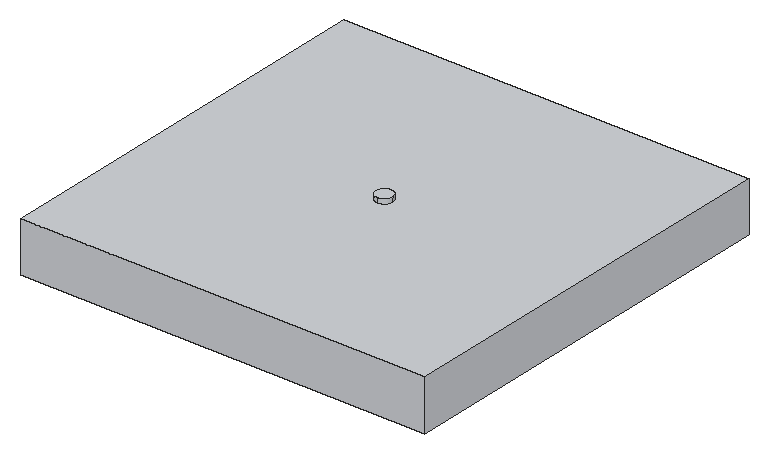
Revit family "M_Conector de tubulação - Água gelada doméstica - Equipamento mecânico", category Equipamento mecânico, Revit 2019
Family settings
  Hospedeiro = Face
  Cota do conector redondo = Usar raio
  Tipo de parte = Normal
  Número OmniClass = 23.65.00.00
  Título OmniClass = Supply and Distribution of Liquids and Gases
  ID de item do Seek = Pipe Connector - Domestic Cold Water - Mechanical Equipment-0000-CAN-ENU
  Corte com vazios quando carregada = Não
  Compartilhado = Não
  Ponto de cálculo do ambiente = Não
Parameters (values of type "Padrão")
  Espessura [instance] = 25.4 mm
  Raio nominal [instance] = 50 mm
  Fluxo [instance] = 0.63 L/s
  Diâmetro nominal [instance] = Raio nominal * 2  # 100 mm
  Default Elevation = 0 mm
  Assembly Code = ""
Reference planes
  plane 1 "Centro (Frente/Trás)": y = 0
  plane 2: z = 0
  plane 3 "Centro (Esquerda/Direita)": x = 0
Forms (mm)
  Extrusion 1, solid
    sketch origin (0, 0, 0) x (1, 0, 0) y (0, 1, 0)
      loop
        line (-1219.2, 1219.2) -> (-1219.2, -1219.2) -> (1219.2, -1219.2) -> (1219.2, 1219.2) -> (-1219.2, 1219.2)
    from 0 to -304.8
  Sweep 2, solid
    path in 3D
      loop
        line (0, 0, 0) -> (0, 0, 25.4)
    profile "M_Duto - Redondo : Duto - Redondo" origin (0, 0, 12.7) x (0, -1, 0) y (1, 0, 0)
      loop
        arc (-50, 0) -> (-35.355, -35.355) -> (0, -50) r 50
        arc (0, -50) -> (35.355, -35.355) -> (50, 0) r 50
        arc (50, 0) -> (35.355, 35.355) -> (0, 50) r 50
        arc (0, 50) -> (-35.355, 35.355) -> (-50, 0) r 50
Lines and regions (mm)
  reference lines
    curve 1: line (0, 0, 0) -> (0, 0, 25.4)
  sketch lines
    curve 2: line (0, 0, 0) -> (0, 0, 25.4)
Dimensions and locks
  "Espessura": curve 1 to curve 1
  aligned and locked: plane 2 to Extrusion 1
  aligned and locked: level to Extrusion 1
  aligned and locked: Extrusion 1 to curve 1
  aligned and locked: curve 1 to plane 1 "Centro (Frente/Trás)"
Automatic sketch dimensions
  Extrusion 1 sketch curve to Extrusion 1 sketch curve = 2438.4 mm  (x2)
Connectors
  piping at (0, 0, 25.4), diameter 100, driven by "Fluxo", driven by "Raio nominal"
    settings: on Sweep 2, index 1, connector inside diameter 100 mm, connector length 0 mm, flow factor 0, pipe flow 0.63 L/s, pressure drop 0.0 Pa, fitting loss kfactor 0, connector angle 0.00°, fixture units 0, engagement length 0 mm, angle of deflection 0.00°, flow configuration 1, flow direction 1, fitting loss method 0, system type 20, joint type 0, gender type 0, connector reference index -1, connector utility 0, adjustable connector no, is connector primary yes, connector description ""
